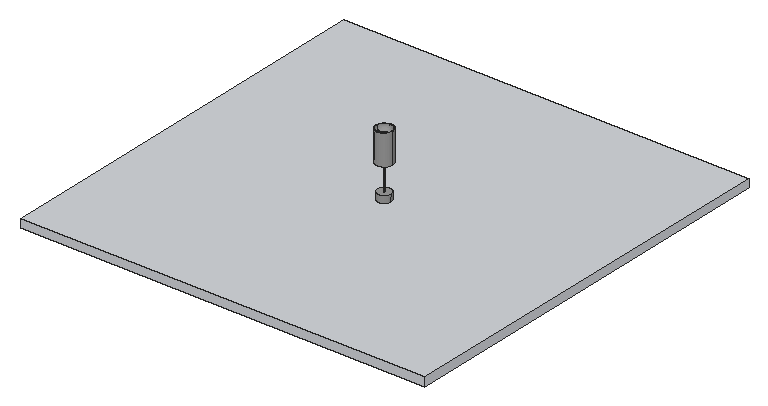
Revit family "LAMP_KOMBIC 100 SURFACE 2500 CRI80 OPTIC DALI", category Luminarias, Revit 2018
Family settings
  Anfitrión = Cara
  Cota de conector redondo = Diámetro de uso
  Tipo de pieza = Normal
  Corte con vacíos al cargar = No
  Origen de luz = Sí
  Compartido = No
  Punto de cálculo de habitación = No
Parameters (values of type "1609LM 3000K  B/B")
  Ángulo de inclinación = -90.00°
  Weight = 0.68 kg
  UGR = "17"
  Type = "COB PHILIPS"
  Protection rating = "IP40"
  Product datasheet = "http://www.lamp.es/product-files/TECH/K11SF2540WF830DBB-EN.pdf"
  Product code = "K11SF2540WF830DBB"
  Product URL = "https://www.lamp.es/en/family/kombic-surface_474354"
  Power Supply = "220-240V 50/60Hz"
  Power = 18 W
  Plum = 21.6 W
  Modelo = Product code  # "K11SF2540WF830DBB"
  Model explanation = "Possibility of chossing between surface or suspended within the model"
  Material reflector = LAMP_PC Reflector Kombic Metalizado Negro
  Material floron = LAMP_Plástico genérico NG
  Material optica = LAMP_PMMA Optica Kombic100
  Material cuerpo = LAMP_Plástico genérico NG
  Material cable suspension = LAMP_Acero genérico
  Material LED = LAMP_COB
  Manufacturer name = "LAMP"
  Manufacturer country = "Spain"
  Manufacturer URL = "http://www.lamp.es/en"
  MacAdam = "3"
  Luminaire type = "Suspended"
  Last update = "29/07/2021"
  Lamp = "COB LED"
  LED Lifetime = "50.000 L70 B10"
  Insulation class = "I"
  Installation instructions = "https://www.lamp.es/product-files/packed/by-family/474354_INS_all.zip"
  IEE = "A+"
  Height suspension [instance] = 200 mm
  Height distance [instance] = if(Surface, 0.1 mm, if(Ceiling rose, if(Height suspension > 38 mm, if(Height suspension < 2000 mm, Height suspension, 2000 mm), 38 mm), 37 mm))  # 200 mm
  Wattage = 21.6 W
  built-in parameter 1150107 = 3000 (stored number, unit not read)
  Surface [instance] = no
  built-in parameter 1150110 = 1 (stored number, unit not read)
  built-in parameter 1150109 = 1 (stored number, unit not read)
  built-in parameter 1150112 = 1 (stored number, unit not read)
  built-in parameter 1150113 = 1 (stored number, unit not read)
  built-in parameter 1114218 = 1 (stored number, unit not read)
  built-in parameter 1150137 = (empty or 0)
  built-in parameter 1150132 = 2
  built-in parameter 1150105 = 2137.8 (stored number, unit not read)
  built-in parameter 1150102 = (empty or 0)
  built-in parameter 1150106 = 21.378 (stored number, unit not read)
  Height = 180 mm
  Gear = "Electronic"
  Lumens = 1609.2 lm
  Finish = "Matte black RAL 9011"
  Color Filter = 16777215
  built-in parameter 1114217 = 1 (stored number, unit not read)
  built-in parameter 1150139 = (empty or 0)
  Fabricante = Manufacturer name  # "LAMP"
  Default Elevation = 1219.2 mm
  built-in parameter 1150104 = 6.9213 (stored number, unit not read)
  Efficacy = 74.5 lm/W
  Diameter = 100 mm
  built-in parameter 1150115 = 1 (stored number, unit not read)
  built-in parameter 1150114 = 1 (stored number, unit not read)
  built-in parameter 1150138 = (empty or 0)
  built-in parameter 1150134 = (empty or 0)
  Ceiling rose [instance] = not(Surface)  # yes
  Dimming Lamp Color Temperature Shift = (empty or 0)
  CRI = "80"
  Archivo de red fotométrica = "K11SF2540WF830NBB.IES"
  built-in parameter 1150133 = 10 (stored number, unit not read)
Types (12, lengths in mm): name | UGR | Product datasheet | Product code | Modelo | Material reflector | Material floron | Material cuerpo | built-in parameter 1150107 | built-in parameter 1150105 | built-in parameter 1150106 | Lumens | Finish | built-in parameter 1150104 | Efficacy | built-in parameter 1150134 | Archivo de red fotométrica
  1609LM 3000K  B/B | "17" | "http://www.lamp.es/product-files/TECH/K11SF2540WF830DBB-EN.pdf" | "K11SF2540WF830DBB" | "K11SF2540WF830DBB" | LAMP_PC Reflector Kombic Metalizado Negro | LAMP_Plástico genérico NG | LAMP_Plástico genérico NG | 3000 (stored number, unit not read) | 2137.8 (stored number, unit not read) | 21.378 (stored number, unit not read) | 1609.2 lm | "Matte black RAL 9011" | 6.9213 (stored number, unit not read) | 74.5 lm/W | (empty or 0) | "K11SF2540WF830NBB.IES"
  1609LM 3000K  B/W | "17" | "http://www.lamp.es/product-files/TECH/K11SF2540WF830DBW-EN.pdf" | "K11SF2540WF830DBW" | "K11SF2540WF830DBW" | LAMP_PC Reflector Kombic Metalizado Negro | LAMP_Plástico genérico BL | LAMP_Plástico genérico BL | 3000 (stored number, unit not read) | 2137.8 (stored number, unit not read) | 21.378 (stored number, unit not read) | 1609.2 lm | "Matte Traffic white RAL 9016" | 6.9213 (stored number, unit not read) | 74.5 lm/W | (empty or 0) | "K11SF2540WF830NBW.IES"
  1692LM 3000K  M/B | "17" | "http://www.lamp.es/product-files/TECH/K11SF2540WF830DMB-EN.pdf" | "K11SF2540WF830DMB" | "K11SF2540WF830DMB" | LAMP_PC Reflector Kombic Metalizado Mate | LAMP_Plástico genérico NG | LAMP_Plástico genérico NG | 3000 (stored number, unit not read) | 2246.9 (stored number, unit not read) | 22.469 (stored number, unit not read) | 1691.28 lm | "Matte black RAL 9011" | 7.2743 (stored number, unit not read) | 78.3 lm/W | (empty or 0) | "K11SF2540WF830NMB.IES"
  1692LM 3000K  M/W | "17" | "http://www.lamp.es/product-files/TECH/K11SF2540WF830DMW-EN.pdf" | "K11SF2540WF830DMW" | "K11SF2540WF830DMW" | LAMP_PC Reflector Kombic Metalizado Mate | LAMP_Plástico genérico BL | LAMP_Plástico genérico BL | 3000 (stored number, unit not read) | 2246.9 (stored number, unit not read) | 22.469 (stored number, unit not read) | 1691.28 lm | "Matte Traffic white RAL 9016" | 7.2743 (stored number, unit not read) | 78.3 lm/W | (empty or 0) | "K11SF2540WF830NMW.IES"
  1701LM 3000K  W/B | "19" | "http://www.lamp.es/product-files/TECH/K11SF2540WF830DWB-EN.pdf" | "K11SF2540WF830DWB" | "K11SF2540WF830DWB" | LAMP_PC Reflector Kombic Blanco | LAMP_Plástico genérico NG | LAMP_Plástico genérico NG | 3000 (stored number, unit not read) | 2261.2 (stored number, unit not read) | 22.612 (stored number, unit not read) | 1702.08 lm | "Matte black RAL 9011" | 7.3208 (stored number, unit not read) | 78.8 lm/W | (empty or 0) | "K11SF2540WF830NWB.IES"
  1701LM 3000K  W/W | "19" | "http://www.lamp.es/product-files/TECH/K11SF2540WF830DWW-EN.pdf" | "K11SF2540WF830DWW" | "K11SF2540WF830DWW" | LAMP_PC Reflector Kombic Blanco | LAMP_Plástico genérico BL | LAMP_Plástico genérico BL | 3000 (stored number, unit not read) | 2261.2 (stored number, unit not read) | 22.612 (stored number, unit not read) | 1702.08 lm | "Matte Traffic white RAL 9016" | 7.3208 (stored number, unit not read) | 78.8 lm/W | (empty or 0) | "K11SF2540WF830NWW.IES"
  1704LM 4000K  B/B | "17" | "http://www.lamp.es/product-files/TECH/K11SF2540WF840DBB-EN.pdf" | "K11SF2540WF840DBB" | "K11SF2540WF840DBB" | LAMP_PC Reflector Kombic Metalizado Negro | LAMP_Plástico genérico NG | LAMP_Plástico genérico NG | 4000 (stored number, unit not read) | 2264.1 (stored number, unit not read) | 22.641 (stored number, unit not read) | 1704.24 lm | "Matte black RAL 9011" | 7.33 (stored number, unit not read) | 78.9 lm/W | 12 | "K11SF2540WF840NBB.IES"
  1704LM 4000K  B/W | "17" | "http://www.lamp.es/product-files/TECH/K11SF2540WF840DBW-EN.pdf" | "K11SF2540WF840DBW" | "K11SF2540WF840DBW" | LAMP_PC Reflector Kombic Metalizado Negro | LAMP_Plástico genérico BL | LAMP_Plástico genérico BL | 4000 (stored number, unit not read) | 2264.1 (stored number, unit not read) | 22.641 (stored number, unit not read) | 1704.24 lm | "Matte Traffic white RAL 9016" | 7.33 (stored number, unit not read) | 78.9 lm/W | 12 | "K11SF2540WF840NBW.IES"
  1792LM 4000K  M/B | "17" | "http://www.lamp.es/product-files/TECH/K11SF2540WF840DMB-EN.pdf" | "K11SF2540WF840DMB" | "K11SF2540WF840DMB" | LAMP_PC Reflector Kombic Metalizado Mate | LAMP_Plástico genérico NG | LAMP_Plástico genérico NG | 4000 (stored number, unit not read) | 2381.7 (stored number, unit not read) | 23.817 (stored number, unit not read) | 1792.8 lm | "Matte black RAL 9011" | 7.711 (stored number, unit not read) | 83 lm/W | 12 | "K11SF2540WF840NMB.IES"
  1792LM 4000K  M/W | "17" | "http://www.lamp.es/product-files/TECH/K11SF2540WF840DMW-EN.pdf" | "K11SF2540WF840DMW" | "K11SF2540WF840DMW" | LAMP_PC Reflector Kombic Metalizado Mate | LAMP_Plástico genérico BL | LAMP_Plástico genérico BL | 4000 (stored number, unit not read) | 2381.7 (stored number, unit not read) | 23.817 (stored number, unit not read) | 1792.8 lm | "Matte Traffic white RAL 9016" | 7.711 (stored number, unit not read) | 83 lm/W | 12 | "K11SF2540WF840NMW.IES"
  1802LM 4000K  W/B | "19" | "http://www.lamp.es/product-files/TECH/K11SF2540WF840DWB-EN.pdf" | "K11SF2540WF840DWB" | "K11SF2540WF840DWB" | LAMP_PC Reflector Kombic Blanco | LAMP_Plástico genérico NG | LAMP_Plástico genérico NG | 4000 (stored number, unit not read) | 2393.2 (stored number, unit not read) | 23.932 (stored number, unit not read) | 1801.44 lm | "Matte black RAL 9011" | 7.7481 (stored number, unit not read) | 83.4 lm/W | 12 | "K11SF2540WF840NWB.IES"
  1802LM 4000K  W/W | "19" | "http://www.lamp.es/product-files/TECH/K11SF2540WF840DWW-EN.pdf" | "K11SF2540WF840DWW" | "K11SF2540WF840DWW" | LAMP_PC Reflector Kombic Blanco | LAMP_Plástico genérico BL | LAMP_Plástico genérico BL | 4000 (stored number, unit not read) | 2393.2 (stored number, unit not read) | 23.932 (stored number, unit not read) | 1801.44 lm | "Matte Traffic white RAL 9016" | 7.7481 (stored number, unit not read) | 83.4 lm/W | 12 | "K11SF2540WF840NWW.IES"
Reference planes
  plane 1 "Centro (Frontal/Posterior)": y = 0
  plane 2: z = 0
  plane 3 "Centro (Izquierda/Derecha)": x = 0
Forms (mm)
  Extrusion 1, solid
    sketch origin (0, 0, 0) x (1, 0, 0) y (0, 1, 0)
      loop
        line (-1219.2, 1219.2) -> (-1219.2, -1219.2) -> (1219.2, -1219.2) -> (1219.2, 1219.2) -> (-1219.2, 1219.2)
    from 0 to -50
  Extrusion 2, solid, material "LAMP_Plástico genérico NG" <- "Material cuerpo"
    sketch origin (0, 0, 0) x (1, 0, 0) y (0, 1, 0)
      loop
        circle (0, 0) r 50
    from 200 to 380
  Extrusion 3, void
    sketch origin (0, 0, 0) x (1, 0, 0) y (0, 1, 0)
      loop
        circle (0, 0) r 48
    from 210.588 to 380
  Sweep 4, solid, material "LAMP_PC Reflector Kombic Metalizado Negro" <- "Material reflector"
    path origin (105.103, -251.845, 380) x (1, 0, 0) y (0, 1, 0)
      loop
        circle (-105.103, 251.959) r 48
    profile origin (0, 48.114, 380) x (0, -1, 0) y (0, 0, 1)
      loop
        arc (0, 0) -> (6.616, -20.646) -> (24, -33.6) r 35.52
        line (24, -33.6) -> (24, -32.6)
        arc (24, -32.6) -> (7.196, -20.217) -> (2, 0) r 31.112
        line (2, 0) -> (0, 0)
  Extrusion 5, solid, material "LAMP_PMMA Optica Kombic100" <- "Material optica"
    sketch origin (0, 0, 0) x (1, 0, 0) y (0, 1, 0)
      loop
        circle (0, 0) r 24
    from 346.4 to 347.4
  Extrusion 6, solid, material "LAMP_Plástico genérico NG" <- "Material floron", visible <- "Ceiling rose"
    sketch origin (0, 0, 0) x (1, 0, 0) y (0, 1, 0)
      loop
        circle (0, 0) r 42
    from 0 to 37
  Extrusion 7, solid, material "LAMP_Acero genérico" <- "Material cable suspension", visible <- "Ceiling rose"
    sketch origin (0, 0, 0) x (1, 0, 0) y (0, 1, 0)
      loop
        circle (0, 0) r 1
    from 37 to 200
Cuts and joins
  Extrusion 3 cuts Extrusion 2
Text (mm)
  text "Any modification of the parameters and properties of the LAMP BIM models must be executed and validated by the LAMP technical department.\nPhone: +34 93 736 68 00\nE-mail: lamp@lamp.es\n\nLAMP reserves the right to modify the technical specifications of its products." at (1856.491, -4316.333, -2622.127), in view "Preview"
Dimensions and locks
  "Height distance": Extrusion 2 to Extrusion 1
  locked: Extrusion 2 to Extrusion 2 at 180
  locked: cut or joined group of Extrusion 2, Extrusion 3 to cut or joined group of Extrusion 2, Extrusion 3 at 169.412
  aligned and locked: plane 2 to Extrusion 1
  aligned and locked: level to Extrusion 1
  aligned and locked: Extrusion 2 to Extrusion 3
  aligned and locked: cut or joined group of Extrusion 2, Extrusion 3 to Sweep 4 sketch curve
  aligned and locked: Sweep 4 to Extrusion 5
  aligned and locked: Extrusion 5 to Sweep 4
  aligned and locked: Extrusion 7 to Extrusion 6
  aligned and locked: Extrusion 7 to cut or joined group of Extrusion 2, Extrusion 3
  aligned and locked: imposter light to cut or joined group of Extrusion 2, Extrusion 3
Automatic sketch dimensions
  Extrusion 1 sketch curve to Extrusion 1 sketch curve = 2438.4 mm  (x2)
  plane 1 "Centro (Frontal/Posterior)" to Extrusion 2 sketch curve = 0 mm
  Extrusion 2 sketch curve to plane 3 "Centro (Izquierda/Derecha)" = 0 mm
  plane 1 "Centro (Frontal/Posterior)" to Extrusion 3 sketch curve = 0 mm
  Extrusion 3 sketch curve to plane 3 "Centro (Izquierda/Derecha)" = 0 mm
  Sweep 4 sketch curve to Sweep 4 sketch curve = 2 mm
  Sweep 4 sketch curve to Sweep 4 sketch curve = 2.536 mm
  Sweep 4 sketch curve to Sweep 4 sketch curve = 2.814 mm
  Sweep 4 sketch curve to profile plane = 24 mm
  Sweep 4 sketch curve to Sweep 4 sketch curve = 8.984 mm
  Sweep 4 sketch curve to profile plane = 0 mm
  plane 1 "Centro (Frontal/Posterior)" to Extrusion 5 sketch curve = 0 mm
  Extrusion 5 sketch curve to plane 3 "Centro (Izquierda/Derecha)" = 0 mm
  plane 1 "Centro (Frontal/Posterior)" to Extrusion 6 sketch curve = 0 mm
  Extrusion 6 sketch curve to plane 3 "Centro (Izquierda/Derecha)" = 0 mm
  plane 1 "Centro (Frontal/Posterior)" to Extrusion 7 sketch curve = 0 mm
  Extrusion 7 sketch curve to plane 3 "Centro (Izquierda/Derecha)" = 0 mm
  radius of Extrusion 2 sketch curve = 50 mm
  radius of Extrusion 3 sketch curve = 48 mm
  radius of Sweep 4 sketch curve = 48 mm
  radius of Extrusion 5 sketch curve = 24 mm
  radius of Extrusion 6 sketch curve = 42 mm
  radius of Extrusion 7 sketch curve = 1 mm
Connectors
  electrical at (0, 0, 200)
    settings: on cut or joined group of Extrusion 2, Extrusion 3, index 1, voltage 230 V, apparent load 0 VA, apparent load phase1 0 VA, apparent load phase2 0 VA, apparent load phase3 0 VA, power factor 1, load classification "Otro", number of poles 1, system type 31, power factor state 1, is connector primary yes, connector utility no, sub classification motor no, connector description ""
